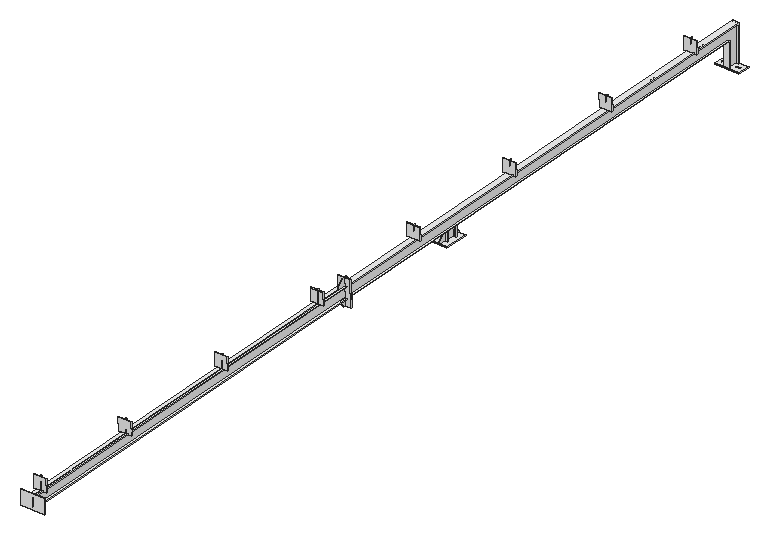
Revit family "STC_A3-Rafter-Type-N", category Structural Framing, Revit 2016
Family settings
  Section Shape = Not Defined
  Material for Model Behavior = Other
  Always export as geometry = No
  Work Plane-Based = No
  Always vertical = Yes
  Cut with Voids When Loaded = No
  Symbolic Representation = From Family
  Shared = No
  Show family pre-cut in plan views = Yes
Reference planes
  plane 1 "Center (Front/Back)": y = 0
  plane 2: z = 0
  plane 3 "Center (Left/Right)": x = 0
Forms (mm)
  Extrusion 1, solid, material "Metal - Steel"
    sketch origin (0, 0, 0) x (0, 1, 0) y (0, 0, 1)
      loop
        line (160, 30) -> (160, 40) -> (-10, 40) -> (-10, 30) -> (160, 30)
      loop
        line (-12277.5, 33.595) -> (-12287.5, 33.595) -> (-12287.5, -166.405) -> (-12277.5, -166.405) -> (-12277.5, 33.595)
    from -170 to 170
  Extrusion 2, void
    sketch origin (0, 573.794, -205) x (0, -1, 0) y (1, 0, 0)
      loop
        arc (509.794, 124) -> (498.794, 135) -> (487.794, 124) r 11
        line (487.794, 124) -> (487.794, 76)
        arc (487.794, 76) -> (498.794, 65) -> (509.794, 76) r 11
        line (509.794, 76) -> (509.794, 124)
      loop
        line (509.794, -124) -> (509.794, -76)
        arc (509.794, -76) -> (498.794, -65) -> (487.794, -76) r 11
        line (487.794, -76) -> (487.794, -124)
        arc (487.794, -124) -> (498.794, -135) -> (509.794, -124) r 11
    from 235 to 245
  Extrusion 3, solid, material "Metal - Steel"
    sketch origin (0, -272.5, 0) x (0, 1, 0) y (0, 0, 1)
      loop
        line (-6507.842, 354.651) -> (-6492.139, -5.006) -> (-6482.149, -4.57) -> (-6497.851, 355.087) -> (-6507.842, 354.651)
    from -90 to 90
  Extrusion 4, solid, material "Metal - Steel"
    sketch origin (0, -262.51, 0.436) x (0, 1, 0) y (0, 0, 1)
      loop
        line (-6507.842, 354.651) -> (-6492.139, -5.006) -> (-6482.149, -4.57) -> (-6497.851, 355.087) -> (-6507.842, 354.651)
    from -90 to 90
  Extrusion 5, solid, material "Metal - Steel"
    sketch origin (0, 0, 11.898) x (0, 1, 0) y (0, 0, 1)
      loop
        line (-6780.342, 342.753) -> (-6800.323, 341.881) -> (-6876.757, 258.467) -> (-6875.885, 238.487) -> (-6775.98, 242.848) -> (-6780.342, 342.753)
      loop
        line (-6760.361, 343.626) -> (-6755.999, 243.721) -> (-6656.094, 248.083) -> (-6656.967, 268.064) -> (-6740.38, 344.498) -> (-6760.361, 343.626)
      loop
        line (-6764.639, -16.904) -> (-6769.001, 83.001) -> (-6868.906, 78.639) -> (-6868.033, 58.658) -> (-6784.62, -17.776) -> (-6764.639, -16.904)
      loop
        line (-6744.658, -16.032) -> (-6724.677, -15.159) -> (-6648.243, 68.254) -> (-6649.115, 88.235) -> (-6749.02, 83.873) -> (-6744.658, -16.032)
      loop
        line (-624.944, 686.575) -> (-644.925, 685.703) -> (-637.291, 510.869) -> (-557.368, 514.359) -> (-558.24, 534.34) -> (-624.944, 686.575)
      loop
        line (-2124.944, 621.084) -> (-2144.925, 620.211) -> (-2137.291, 445.378) -> (-2057.368, 448.868) -> (-2058.24, 468.848) -> (-2124.944, 621.084)
      loop
        line (-3824.987, 546.858) -> (-3844.968, 545.986) -> (-3837.335, 371.152) -> (-3757.411, 374.642) -> (-3758.284, 394.623) -> (-3824.987, 546.858)
      loop
        line (-5525.031, 472.633) -> (-5545.012, 471.76) -> (-5537.379, 296.927) -> (-5457.455, 300.416) -> (-5458.327, 320.397) -> (-5525.031, 472.633)
      loop
        line (-7225.075, 398.407) -> (-7245.056, 397.535) -> (-7237.422, 222.701) -> (-7157.498, 226.191) -> (-7158.371, 246.172) -> (-7225.075, 398.407)
      loop
        line (-8925.118, 324.182) -> (-8945.099, 323.309) -> (-8937.466, 148.476) -> (-8857.542, 151.965) -> (-8858.414, 171.946) -> (-8925.118, 324.182)
      loop
        line (-10625.162, 249.956) -> (-10645.143, 249.084) -> (-10637.51, 74.25) -> (-10557.586, 77.74) -> (-10558.458, 97.721) -> (-10625.162, 249.956)
      loop
        line (-12125.162, 184.465) -> (-12145.143, 183.592) -> (-12137.51, 8.759) -> (-12057.586, 12.249) -> (-12058.458, 32.23) -> (-12125.162, 184.465)
      loop
        line (-4747.5, 48.102) -> (-4817.5, 128.102) -> (-4837.5, 128.102) -> (-4837.5, 28.102) -> (-4747.5, 28.102) -> (-4747.5, 48.102)
      loop
        line (-4997.5, 128.102) -> (-5017.5, 128.102) -> (-5087.5, 48.102) -> (-5087.5, 28.102) -> (-4997.5, 28.102) -> (-4997.5, 128.102)
    from -5 to 5
  Extrusion 6, void
    sketch origin (0, 0, -577.097) x (1, 0, 0) y (0, 0, 1)
      loop
        line (124, 509.794) -> (76, 509.794)
        arc (76, 509.794) -> (65, 498.794) -> (76, 487.794) r 11
        line (76, 487.794) -> (124, 487.794)
        arc (124, 487.794) -> (135, 498.794) -> (124, 509.794) r 11
      loop
        arc (-124, 509.794) -> (-135, 498.794) -> (-124, 487.794) r 11
        line (-124, 487.794) -> (-76, 487.794)
        arc (-76, 487.794) -> (-65, 498.794) -> (-76, 509.794) r 11
        line (-76, 509.794) -> (-124, 509.794)
    from 12277.5 to 12287.5
  Extrusion 7, solid, material "Metal - Steel"
    sketch origin (0, 0, 11.898) x (0, 1, 0) y (0, 0, 1)
      loop
        line (155, 545.462) -> (-6755.999, 243.721) -> (-6755.676, 236.328) -> (147.6, 537.731) -> (147.6, 28.102) -> (155, 28.102) -> (155, 545.462)
      loop
        line (2.4, 386.054) -> (-6749.343, 91.266) -> (-6749.02, 83.873) -> (-5, 378.323) -> (-5, 28.102) -> (2.4, 28.102) -> (2.4, 386.054)
      loop
        line (-12277.5, 2.647) -> (-12277.5, -4.76) -> (-6775.657, 235.455) -> (-6775.98, 242.848) -> (-12277.5, 2.647)
      loop
        line (-12277.5, -150.098) -> (-12277.5, -157.506) -> (-6769.001, 83.001) -> (-6769.324, 90.394) -> (-12277.5, -150.098)
    from -41 to 41
  Extrusion 8, solid, material "Metal - Steel"
    sketch origin (0, 0, 11.898) x (0, 1, 0) y (0, 0, 1)
      loop
        line (-6755.676, 236.328) -> (-6749.343, 91.266) -> (2.4, 386.054) -> (2.4, 28.102) -> (147.6, 28.102) -> (147.6, 537.731) -> (-6755.676, 236.328)
      loop
        line (-6775.657, 235.455) -> (-12277.5, -4.76) -> (-12277.5, -150.098) -> (-6769.324, 90.394) -> (-6775.657, 235.455)
      loop
        line (-4990.1, 160.669) -> (-4990.1, 28.102) -> (-4844.9, 28.102) -> (-4844.9, 167.009) -> (-4990.1, 160.669)
    from -2.5 to 2.5
  Extrusion 9, solid, material "Metal - Steel"
    sketch origin (0, 0, 0) x (0, 1, 0) y (0, 0, 1)
      loop
        line (-4837.5, 40) -> (-4837.5, 179.229) -> (-4844.9, 178.906) -> (-4844.9, 40) -> (-4837.5, 40)
      loop
        line (-4997.5, 40) -> (-4990.1, 40) -> (-4990.1, 172.567) -> (-4997.5, 172.244) -> (-4997.5, 40)
    from -41 to 41
  Extrusion 10, solid, material "Metal - Steel"
    sketch origin (0, 0, 0) x (0, 1, 0) y (0, 0, 1)
      loop
        line (-4747.5, 30) -> (-4747.5, 40) -> (-5087.5, 40) -> (-5087.5, 30) -> (-4747.5, 30)
    from -100 to 100
  Extrusion 11, solid, material "Metal - Steel"
    sketch origin (0, 0, 11.898) x (0, 1, 0) y (0, 0, 1)
      loop
        line (-647.282, 510.433) -> (-637.291, 510.869) -> (-644.925, 685.703) -> (-654.915, 685.267) -> (-647.282, 510.433)
      loop
        line (-2147.282, 444.942) -> (-2137.291, 445.378) -> (-2144.925, 620.211) -> (-2154.915, 619.775) -> (-2147.282, 444.942)
      loop
        line (-3847.326, 370.716) -> (-3837.335, 371.152) -> (-3844.968, 545.986) -> (-3854.959, 545.55) -> (-3847.326, 370.716)
      loop
        line (-5547.369, 296.491) -> (-5537.379, 296.927) -> (-5545.012, 471.76) -> (-5555.003, 471.324) -> (-5547.369, 296.491)
      loop
        line (-7247.413, 222.265) -> (-7237.422, 222.701) -> (-7245.056, 397.535) -> (-7255.046, 397.099) -> (-7247.413, 222.265)
      loop
        line (-8947.456, 148.04) -> (-8937.466, 148.476) -> (-8945.099, 323.309) -> (-8955.09, 322.873) -> (-8947.456, 148.04)
      loop
        line (-10647.5, 73.814) -> (-10637.51, 74.25) -> (-10645.143, 249.084) -> (-10655.133, 248.648) -> (-10647.5, 73.814)
      loop
        line (-12147.5, 8.323) -> (-12137.51, 8.759) -> (-12145.143, 183.592) -> (-12155.133, 183.156) -> (-12147.5, 8.323)
    from -90 to 90
Cuts and joins
  Extrusion 2 cuts Extrusion 1
  Extrusion 2 cuts Extrusion 7
  Extrusion 2 cuts Extrusion 8
